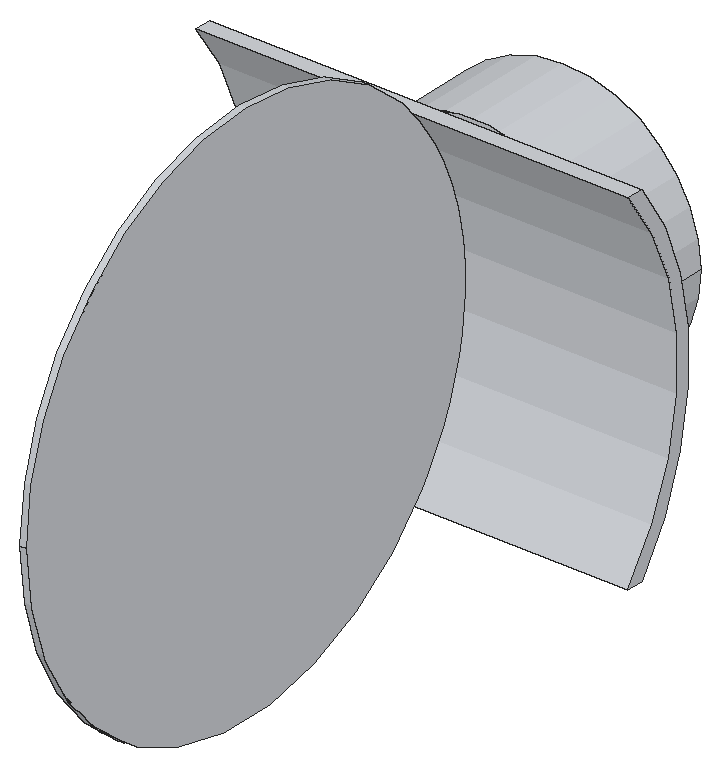
Revit family "Седелка ПНД Глеб", category Соединительные детали трубопроводов, Revit 2025
Family settings
  Размер круглого соединителя = Использовать диаметр
  Тип детали = Отвод
  На основе рабочей плоскости = Нет
  Всегда вертикально = Да
  При загрузке вырезать с полостями = Нет
  Общий = Да
Parameters
  Отметка по умолчанию = 0 mm
  s1 толщина стенки отвода [instance] = 180 mm
  d1 диаметр отвода [instance] = 200 mm
  S толщина стенки седелки [instance] = 420 mm
  L1 Длина отвода [instance] = 82 mm
  L длина седелки [instance] = 315 mm
  D диаметр трубы [instance] = 400 mm
  B ширина седелки [instance] = 256 mm
Reference planes
  plane 1 "По центру (Вперед/Назад)": y = 0
  plane 2: z = 0
  plane 3 "По центру (Влево/Вправо)": x = 0
  plane 4: x = -157.5
  plane 5: x = 157.5
  plane 6: y = 210
  plane 7: y = -210
Forms (mm)
  Sweep 1, solid
    path origin (0, 0, 0) x (1, 0, 0) y (0, 1, 0)
      loop
        line (-157.5, 0) -> (157.5, 0)
    profile origin (0, 0, 0) x (0, 1, 0) y (0, 0, 1)
      loop
        arc (166.481, -128) -> (210, 0) -> (166.481, 128) r 210
        line (166.481, 128) -> (153.675, 128)
        arc (153.675, 128) -> (200, 0) -> (153.675, -128) r 200
        line (153.675, -128) -> (166.481, -128)
  Sweep 2, solid
    path origin (0, 0, 0) x (1, 0, 0) y (0, 1, 0)
      loop
        line (0, 210) -> (0, 292)
    profile origin (0, 251, 0) x (-1, 0, 0) y (0, 0, 1)
      loop
        circle (0, 0) r 100
      loop
        circle (0, 0) r 90
  Extrusion 3, solid
    sketch origin (0, 0, 0) x (0, 1, 0) y (0, 0, 1)
      loop
        circle (0, 0) r 200
    from -2.5 to 2.5
Cuts and joins
  joined: Sweep 1, Sweep 2
Lines and regions (mm)
  reference lines
    curve 1: line (-62.929, 292, 0) -> (22.071, 292, 0)
    curve 2: line (0, 210, 0) -> (0, 420, 0)
Dimensions and locks
  "L длина седелки": plane 4 to plane 5
  equal spacing: plane 4, plane 3 "По центру (Влево/Вправо)", plane 5
  "B ширина седелки": Sweep 1 sketch curve to Sweep 1 sketch curve
  Sweep 1 sketch curve to Sweep 1 sketch curve = 256 mm
  "L1 Длина отвода": curve 2 to curve 1
  "S толщина стенки седелки": plane 6 to plane 7
  equal spacing: plane 6, plane 1 "По центру (Вперед/Назад)", plane 7
  "D диаметр трубы": diameter of Extrusion 3 sketch curve
  "D диаметр трубы": diameter of Sweep 1 sketch curve
  "S толщина стенки седелки": diameter of Sweep 1 sketch curve
  "d1 диаметр отвода": diameter of Sweep 2 sketch curve
  "s1 толщина стенки отвода": diameter of Sweep 2 sketch curve
  angle curve 2 to curve 1 = 90.00°
  aligned and locked: level to plane 2
  aligned and locked: plane 4 to Sweep 1 sketch curve
  aligned and locked: plane 5 to Sweep 1 sketch curve
  aligned and locked: profile plane to Sweep 1 sketch curve  (x2)
  aligned and locked: plane 6 to curve 2
  aligned and locked: plane 3 "По центру (Влево/Вправо)" to curve 2
  aligned and locked: curve 1 to Sweep 2 sketch curve
  aligned and locked: plane 6 to Sweep 2 sketch curve
  aligned and locked: level to Sweep 2 sketch curve  (x2)
  aligned and locked: plane 3 "По центру (Влево/Вправо)" to Sweep 2 sketch curve  (x2)
Automatic sketch dimensions
  plane 1 "По центру (Вперед/Назад)" to Sweep 1 sketch curve = 0 mm
  Sweep 2 sketch curve to plane 3 "По центру (Влево/Вправо)" = 0 mm
  curve 1 to plane 3 "По центру (Влево/Вправо)" = 62.929 mm
  Sweep 1 sketch curve to Sweep 1 sketch curve = 0 mm  (x2)
  Sweep 1 sketch curve to level = 128 mm
  Extrusion 3 sketch curve to level = 0 mm
  Extrusion 3 sketch curve to plane 1 "По центру (Вперед/Назад)" = 0 mm
Connectors
  piping at (0, 292, 0), diameter 200, driven by "d1 диаметр отвода"
    settings: on cut or joined group of Sweep 1, Sweep 2, index 1, connector inside diameter 609.6 mm, connector length 0 mm, flow factor 0, pipe flow 0.0 L/s, pressure drop 0.0 Pa, fitting loss kfactor 0, connector angle 0.00°, fixture units 0, engagement length 0 mm, angle of deflection 0.00°, flow configuration 0, flow direction 0, fitting loss method 0, system type 7, joint type 0, gender type 0, connector reference index -1, connector utility 0, adjustable connector no, is connector primary yes, connector description ""
  piping at (-2.5, 0, 0), diameter 400, driven by "D диаметр трубы"
    settings: on Extrusion 3, index 2, connector inside diameter 609.6 mm, connector length 0 mm, flow factor 0, pipe flow 0.0 L/s, pressure drop 0.0 Pa, fitting loss kfactor 0, connector angle 0.00°, fixture units 0, engagement length 0 mm, angle of deflection 0.00°, flow configuration 0, flow direction 0, fitting loss method 0, system type 7, joint type 0, gender type 0, connector reference index 3, connector utility 0, adjustable connector no, is connector primary no, connector description ""
  piping at (2.5, 0, 0), diameter 400, driven by "D диаметр трубы"
    settings: on Extrusion 3, index 3, connector inside diameter 609.6 mm, connector length 0 mm, flow factor 0, pipe flow 0.0 L/s, pressure drop 0.0 Pa, fitting loss kfactor 0, connector angle 0.00°, fixture units 0, engagement length 0 mm, angle of deflection 0.00°, flow configuration 0, flow direction 0, fitting loss method 0, system type 7, joint type 0, gender type 0, connector reference index 2, connector utility 0, adjustable connector no, is connector primary no, connector description ""
